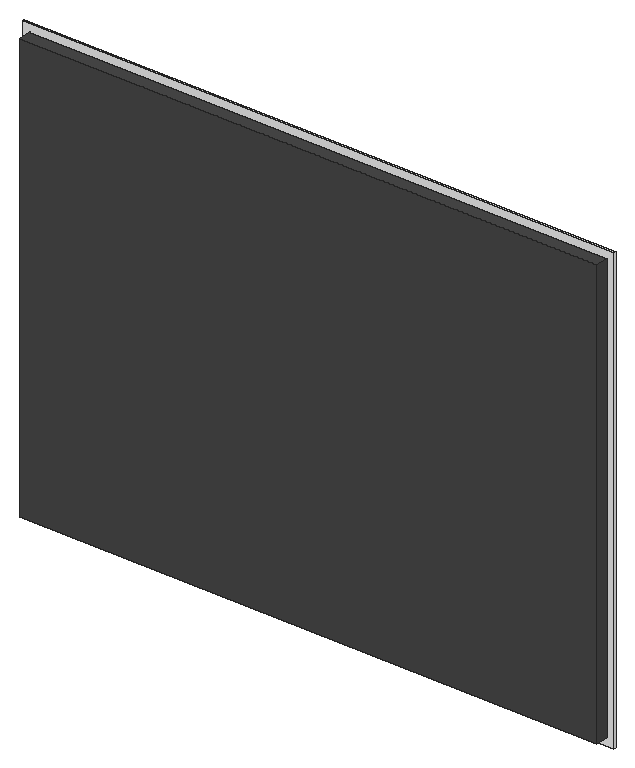
Revit family "3-040X-xx Compact Mirror", category Lighting Fixtures, host Wall, Revit 2021
Family settings
  Host = Wall
  Round Connector Dimension = Use Diameter
  Part Type = Normal
  OmniClass Number = 23.80.70.00
  OmniClass Title = Lighting
  Always vertical = Yes
  Cut with Voids When Loaded = No
  Light Source = No
  Shared = No
  Room Calculation Point = No
Parameters (values of type "3-0303-15 / Black")
  Width = 1219 mm
  Height = 914 mm
  Diffuser = Ghost Mirror
  Default Elevation = 0 mm
  Wattage Comments = "1 x 122.6 W at 120 V"
  Voltage Input = "120 V or 277 V - 50/60 Hz"  # constant formula
  Voltage = 120 V
  URL = "www.oxygenlighting.com"
  References = "Ref. 3 = 120 V / Ref. 37 = 277 V"  # constant formula
  Model = "3-030X-xx / Skylight"  # constant formula
  Metal Finish 1 = 15 - Black
  Manufacturer = "Vanita by Oxygen"  # constant formula
  Lamp = "LED Array"  # constant formula
Types (5, lengths in mm): name | Width | Height | Wattage Comments
  3-0301-15 / Black | 914 | 610 | "1 x 83.5 W at 120 V"
  3-0302-15 / Black | 914 | 914 | "1 x 99.7 W at 120 V"
  3-0303-15 / Black | 1219 | 914 | "1 x 122.6 W at 120 V"
  3-0304-15 / Black | 1219 | 1219 | "1 x 167.9 W at 120 V"
  3-0305-15 / Black | 1524 | 1067 | "1 x 167.9 W at 120 V"
Reference planes
  plane 1: y = 0
  plane 2 "Light Source Axis (L/R)": x = 125
  plane 3 "Light Source Axis (F/R)": y = 160
  plane 4 "Light Source Elevation": z = 700
  plane 5: y = 75
Text (mm)
  text "Placement side" at (-1787.139, 1116.779, 0), in view "Ref. Level"
  text "Placement side" at (0, 2110.396, 2986.058), in view "Left"
  text "Placement side" at (0, 628.478, 3011.967), in view "Right"
Dimensions and locks
  aligned and locked: plane 1 to host wall
  aligned and locked: plane 5 to host wall
  aligned and locked: plane 5 to nested 1
  aligned and locked: nested 1 to plane 2 "Light Source Axis (L/R)"
Nested families
  nested 1: "Family1" at (125, 75, 1005) x (-1, 0, 0) z (0, 0, 1), type "Family1"
    with Width 1219 mm, Height 914 mm
Connectors
  electrical at (125, 75, 1005)
    settings: on nested 1, index 1, voltage 0 V, apparent load 0 VA, apparent load phase1 0 VA, apparent load phase2 0 VA, apparent load phase3 0 VA, power factor 1, load classification "Otro", number of poles 1, system type 31, power factor state 1, is connector primary yes, connector utility no, sub classification motor no, connector description ""
Definition of nested family "Family1"
  Parameters (values of type "Family1")
    Width = 1200 mm
    Metal Finish 1 = none
    Height = 300 mm
    Diffuser = none
    Default Elevation = 0 mm
  Reference planes
    plane 1 "Center (Front/Back)": y = 0
    plane 2: z = 0
    plane 3 "Center (Left/Right)": x = 0
    plane 4: x = 585
    plane 5: x = -585
    plane 6: z = 135
    plane 7: z = -135
    plane 8: x = 505
    plane 9: z = 55
    plane 10: z = -55
    plane 11: x = -505
    plane 12: y = -102.595
    plane 13: z = -150
    plane 14: x = -600
    plane 15: z = 150
    plane 16: x = 600
    plane 17: z = -95
    plane 18: x = -545
    plane 19: z = 95
    plane 20: x = 545
    plane 21: x = -510
    plane 22: z = 60
    plane 23: x = 510
    plane 24: x = -480
    plane 25: x = 480
    plane 26: z = -40
    plane 27: x = -9.821
    plane 28: x = 9.821
    plane 29: z = -30
    plane 30: z = -50
  Forms (mm)
    Extrusion 1, solid
      sketch origin (-1865, 0, 34.634) x (1, 0, 0) y (0, 0, 1)
        loop
          line (1265, 115.366) -> (1265, -184.634) -> (2465, -184.634) -> (2465, 115.366) -> (1265, 115.366)
        loop
          line (1385, 60.366) -> (1385, 25.366) -> (2345, 25.366) -> (2345, 60.366) -> (1385, 60.366)
        loop
          line (2375, -129.634) -> (2410, -129.634) -> (2410, 60.366) -> (2375, 60.366) -> (2375, -129.634)
        loop
          line (1320, -129.634) -> (1355, -129.634) -> (1355, 60.366) -> (1320, 60.366) -> (1320, -129.634)
        loop
          line (1855.179, -64.634) -> (1855.179, -84.634) -> (1864, -84.634) -> (1864, -81.634) -> (1858.179, -81.634) -> (1858.179, -67.634) -> (1864, -67.634) -> (1864, -64.634) -> (1855.179, -64.634)
        loop
          line (1874.821, -84.634) -> (1874.821, -64.634) -> (1866, -64.634) -> (1866, -67.634) -> (1871.821, -67.634) -> (1871.821, -81.634) -> (1866, -81.634) -> (1866, -84.634) -> (1874.821, -84.634)
      from 25.658 to 29.595
    Extrusion 2, solid, material <- "Metal Finish 1"
      sketch origin (0, 0, 0) x (1, 0, 0) y (0, 0, 1)
        loop
          line (585, 135) -> (-585, 135) -> (-585, -135) -> (585, -135) -> (585, 135)
      from 0 to 25.658
    Extrusion 3, solid, material <- "Metal Finish 1"
      sketch origin (198.019, -1.936, 15.522) x (1, 0, 0) y (0, 1, 0)
        loop
          line (-653.019, -27.658) -> (-653.019, -100.658)
          arc (-653.019, -100.658) -> (-650.09, -107.729) -> (-643.019, -110.658) r 10
          line (-643.019, -110.658) -> (246.981, -110.658)
          arc (246.981, -110.658) -> (254.052, -107.729) -> (256.981, -100.658) r 10
          line (256.981, -100.658) -> (256.981, -27.658) -> (-653.019, -27.658)
      from -110.522 to -107.522
    Extrusion 4, solid, material <- "Diffuser"
      sketch origin (0, 0, 0) x (1, 0, 0) y (0, 0, 1)
        loop
          line (-545, 95) -> (-545, -95) -> (-510, -95) -> (-510, 95) -> (-545, 95)
        loop
          line (-480, 60) -> (480, 60) -> (480, 95) -> (-480, 95) -> (-480, 60)
        loop
          line (510, 95) -> (510, -95) -> (545, -95) -> (545, 95) -> (510, 95)
      from 25.658 to 29.595
  Dimensions and locks
    equal spacing: plane 4, plane 3 "Center (Left/Right)", plane 5
    equal spacing: plane 7, level, plane 6
    locked: plane 4 to plane 8 at 80
    locked: plane 5 to plane 11 at 80
    locked: plane 9 to plane 6 at 80
    locked: plane 7 to plane 10 at 80
    Extrusion 3 to Extrusion 3 = 3 mm
    equal spacing: Extrusion 3 sketch curve, plane 3 "Center (Left/Right)", Extrusion 3 sketch curve
    plane 5 to Extrusion 3 sketch curve = 130 mm
    locked: plane 12 to Extrusion 3 sketch curve at 10
    locked: plane 15 to plane 6 at 15
    locked: plane 7 to plane 13 at 15
    locked: plane 16 to plane 4 at 15
    locked: plane 14 to plane 5 at 15
    "Height": plane 15 to plane 13
    "Width": plane 14 to plane 16
    Extrusion 1 to plane 1 "Center (Front/Back)" = 29.595 mm
    Extrusion 3 to Extrusion 1 = 83 mm
    plane 17 to plane 13 = 55 mm
    locked: Extrusion 3 to plane 17 at 3
    locked: plane 14 to plane 18 at 55
    locked: plane 16 to plane 20 at 55
    locked: plane 15 to plane 19 at 55
    locked: plane 19 to plane 22 at 35
    locked: plane 18 to plane 21 at 35
    locked: plane 20 to plane 23 at 35
    locked: plane 14 to plane 24 at 120
    locked: plane 16 to plane 25 at 120
    plane 26 to plane 13 = 110 mm
    locked: plane 28 to plane 27 at 19.643
    locked: plane 29 to plane 30 at 20
    locked: plane 29 to plane 26 at 10
    locked: plane 29 to Extrusion 1 sketch curve at 3
    locked: Extrusion 1 sketch curve to plane 30 at 3
    locked: Extrusion 1 sketch curve to Extrusion 1 sketch curve at 3
    locked: Extrusion 1 sketch curve to plane 27 at 3
    aligned and locked: plane 2 to level
    aligned and locked: Extrusion 2 sketch curve to plane 6
    aligned and locked: plane 7 to Extrusion 2 sketch curve
    aligned and locked: Extrusion 2 sketch curve to plane 5
    aligned and locked: Extrusion 2 sketch curve to plane 4
    aligned and locked: plane 12 to Extrusion 3 sketch curve  (x2)
    aligned and locked: plane 16 to Extrusion 1 sketch curve
    aligned and locked: plane 13 to Extrusion 1 sketch curve
    aligned and locked: plane 14 to Extrusion 1 sketch curve
    aligned and locked: Extrusion 1 sketch curve to plane 15
    aligned and locked: Extrusion 3 to Extrusion 1
    aligned and locked: Extrusion 3 to plane 17
    aligned and locked: Extrusion 1 sketch curve to plane 25
    aligned and locked: plane 22 to Extrusion 1 sketch curve
    aligned and locked: Extrusion 1 sketch curve to plane 19
    aligned and locked: Extrusion 1 sketch curve to plane 24
    aligned and locked: plane 17 to Extrusion 1 sketch curve
    aligned and locked: plane 23 to Extrusion 1 sketch curve
    aligned and locked: plane 20 to Extrusion 1 sketch curve
    aligned and locked: plane 19 to Extrusion 1 sketch curve  (x2)
    aligned and locked: plane 18 to Extrusion 1 sketch curve
    aligned and locked: Extrusion 1 sketch curve to plane 21
    aligned and locked: Extrusion 1 sketch curve to plane 17
    aligned and locked: Extrusion 4 sketch curve to Extrusion 1  (x8)
    aligned and locked: Extrusion 1 to Extrusion 4 sketch curve  (x4)
    aligned and locked: Extrusion 1 sketch curve to plane 28
    aligned and locked: plane 27 to Extrusion 1 sketch curve
    aligned and locked: plane 30 to Extrusion 1 sketch curve
    aligned and locked: Extrusion 1 sketch curve to plane 29
  Automatic sketch dimensions
    plane 1 "Center (Front/Back)" to Extrusion 3 sketch curve = 29.595 mm
    Extrusion 1 sketch curve to plane 29 = 0 mm
    Extrusion 1 sketch curve to plane 30 = 0 mm
    Extrusion 1 sketch curve to plane 3 "Center (Left/Right)" = 1 mm
    Extrusion 1 sketch curve to Extrusion 1 sketch curve = 0 mm  (x2)
    Extrusion 1 sketch curve to Extrusion 1 sketch curve = 2 mm
    plane 3 "Center (Left/Right)" to Extrusion 1 sketch curve = 1 mm  (x2)
